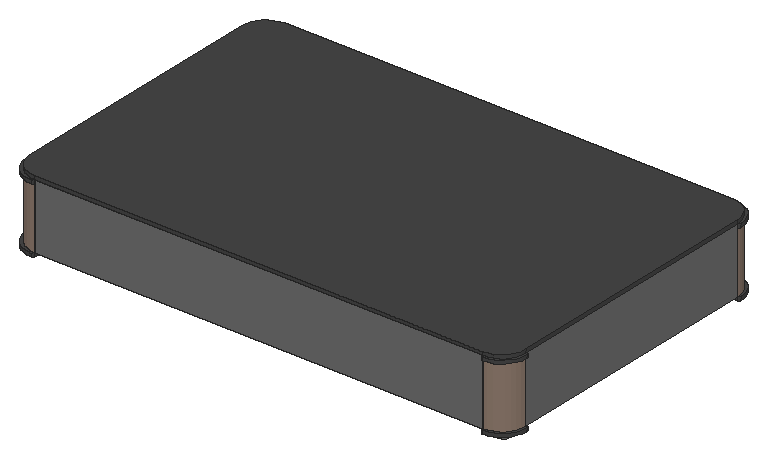
Revit family "QF_ADVENTYS_IE2_600_C-B_250902065202", category Specialty Equipment, Revit 2021
Family settings
  Round Connector Dimension = Use Diameter
  Part Type = Normal
  OmniClass Number = 23.40.40.14
  OmniClass Title = Food Service Equipment
  Work Plane-Based = No
  Always vertical = Yes
  Cut with Voids When Loaded = No
  Shared = No
  Room Calculation Point = No
Parameters (values of type "ADV1843")
  Weight in Pounds [instance] = 0
  Weight = 7.50 kg
  Warranty Start Date [instance] = ""
  Warranty Duration [instance] = ""
  Volts [instance] = 230 V
  URL Recommended Spares List = ""
  URL Manufacturer = ""
  URL Cutsheet = ""
  URL Critical Spares List = ""
  URL = "www.adventys.com"
  Tag Number [instance] = ""
  Status [instance] = ""
  Specification by User [instance] = ""
  Specification by Manufacturer [instance] = ""
  Sound Level [instance] = ""
  Solid Fuel Type [instance] = ""
  Service Life Duration [instance] = ""
  Serial Number [instance] = ""
  Seismic Rating [instance] = ""
  SMACNA No [instance] = ""
  Revision Code [instance] = ""
  Revision [instance] = ""
  Production Year [instance] = ""
  Point Load [instance] = 0
  Phase [instance] = 1
  Other Equipment Approvals [instance] = ""
  Number of Poles [instance] = 2
  NAFEM Spec ID Number [instance] = ""
  Model Warning [instance] = ""
  Model = "IE2 600 C-B"
  Min Ckt Ampacity [instance] = 0 A
  Max Overcurrent Protection [instance] = 10 A
  Masterspec [instance] = ""
  Manufacturer = "ADVENTYS"
  Length Actual = 620 mm
  Item Number [instance] = ""
  Installed By [instance] = ""
  Installation Date [instance] = ""
  Identify Quantity as Lot [instance] = no
  ID [instance] = ""
  Hygiene Approval [instance] = ""
  Hot Water Consumption = 0.0 L/s
  Height Actual = 96 mm
  HP power [instance] = ""
  Furnished By [instance] = ""
  Foodservice Equipment Identifier [instance] = no
  FL Amps [instance] = 2.7 A
  Electrical Remarks [instance] = "Plug not included"
  Electric power [instance] = 0 W
  Electric Connection Type [instance] = "Cord&Plug"
  Elec Conn RI Height [instance] = 0 mm
  Elec Conn Connection Height [instance] = 0 mm
  ETL Approved [instance] = no
  Description = "2 ZONES CUSTOMIZABLE INDUCTION BUFFET"
  Depth Actual = 390 mm
  Default Elevation = 0 mm
  Cycle [instance] = 50 Hz
  Cost = 0
  Conn Plug [instance] = ""
  Conn Conduit [instance] = no
  CSI MasterFormat [instance] = ""
  CE Approved [instance] = no
  Barcode [instance] = 0
  Author [instance] = ""
  Asset Identifier [instance] = ""
  Apparent Power [instance] = 600 VA
  Accessory = no
Reference planes
  plane 1 "Center (Front/Back)": y = 0
  plane 2: z = 0
  plane 3 "Center (Left/Right)": x = 0
Forms (mm)
  Extrusion 1, solid, not visible
    sketch origin (70.003, -2, 47.502) x (1, 0, 0) y (0, 1, 0)
      loop
        line (-2, 2) -> (-2, -2) -> (2, -2) -> (2, 2) -> (-2, 2)
    from -2 to 2
Dimensions and locks
  locked: Extrusion 1 to nested 2
  locked: nested 2 to Extrusion 1 at 2
  aligned and locked: level to plane 2
Nested families
  nested 1: "QF_ADVENTYS_ADV1843_2916" at (0, 0, 0), type "ADV1843"
    with Status "", Show Logo yes, Show Clearance yes
  nested 2: "CONN_POINT_ELE_2D___Generic_Annotation" at (70.003, 0, 47.502), type "CONN_POINT_ELE_2D___Generic_Annotation"
    with Onboard connection annotation symbol visibility yes
Connectors
  electrical at (70.003, 0, 47.502), driven by "Apparent Power", driven by "Number of Poles", driven by "Volts"
    settings: on Extrusion 1, index 1, voltage 230 V, apparent load 0 VA, apparent load phase1 600 VA, apparent load phase2 0 VA, apparent load phase3 0 VA, power factor 1, load classification "Other", number of poles 2, system type 31, power factor state 1, is connector primary yes, connector utility no, sub classification motor no, connector description "Electrical connection for IE2 600 C-B"
Definition of nested family "QF_ADVENTYS_ADV1843_2916"
  Parameters (values of type "ADV1843")
    URL = "www.adventys.com"
    Status [instance] = ""
    Show Logo [instance] = yes
    Show Clearance [instance] = yes
    Model = "IE2 600 C-B"
    Manufacturer = "ADVENTYS"
    Description = "2 ZONES CUSTOMIZABLE INDUCTION BUFFET"
    Default Elevation = 0 mm
    Author = "SPECIFI"
    Assembly Code = "E1090320"
  Reference planes
    plane 1 "Back": y = 0
    plane 2: z = 0
    plane 3 "Left": x = 0
    plane 4 "Right": x = 620
    plane 5 "Front": y = -390
    plane 6 "Top": z = 96
  Forms (mm)
    Extrusion 1, solid
      sketch origin (-437.879, -390, -60.3) x (1, 0, 0) y (0, 1, 0)
        loop
          line (437.879, 360) -> (437.879, 30) -> (467.879, 30) -> (467.879, 0) -> (1027.879, 0) -> (1027.879, 30) -> (1057.879, 30) -> (1057.879, 360) -> (1027.879, 360) -> (1027.879, 390) -> (467.879, 390) -> (467.879, 360) -> (437.879, 360)
      from 70.3 to 152.3
    Extrusion 2, solid
      sketch origin (30, -390, -14.006) x (1, 0, 0) y (0, 1, 0)
        loop
          line (0, 30) -> (-30.98, 30)
          arc (-30.98, 30) -> (-32.402, 29.388) -> (-32.935, 27.935) r 1.958
          arc (-32.935, 27.935) -> (-23.852, 6.102) -> (-2, -2.935) r 30.935
          arc (-2, -2.935) -> (-0.586, -2.35) -> (0, -0.935) r 2
          line (0, -0.935) -> (0, 30)
        loop
          line (560, 30) -> (560, -0.935)
          arc (560, -0.935) -> (560.586, -2.35) -> (562, -2.935) r 2
          arc (562, -2.935) -> (583.852, 6.102) -> (592.935, 27.935) r 30.935
          arc (592.935, 27.935) -> (592.402, 29.388) -> (590.98, 30) r 1.958
          line (590.98, 30) -> (560, 30)
        loop
          line (0, 360) -> (0, 390.935)
          arc (0, 390.935) -> (-0.586, 392.35) -> (-2, 392.935) r 2
          arc (-2, 392.935) -> (-23.852, 383.898) -> (-32.935, 362.065) r 30.935
          arc (-32.935, 362.065) -> (-32.402, 360.612) -> (-30.98, 360) r 1.958
          line (-30.98, 360) -> (0, 360)
        loop
          line (560, 360) -> (590.98, 360)
          arc (590.98, 360) -> (592.402, 360.612) -> (592.935, 362.065) r 1.958
          arc (592.935, 362.065) -> (583.852, 383.898) -> (562, 392.935) r 30.935
          arc (562, 392.935) -> (560.586, 392.35) -> (560, 390.935) r 2
          line (560, 390.935) -> (560, 360)
      from 20.006 to 24.006
    Extrusion 3, solid
      sketch origin (-430.601, -391.294, 0.995) x (1, 0, 0) y (0, 1, 0)
        loop
          circle (1033.349, 18.158) r 8
        loop
          circle (447.454, 18.158) r 8
        loop
          circle (1033.349, 374.212) r 8
        loop
          circle (447.454, 374.212) r 8
      from -0.995 to 5
    Extrusion 4, solid
      sketch origin (30, -390, 71.994) x (1, 0, 0) y (0, 1, 0)
        loop
          line (0, 0) -> (560, 0)
          arc (560, 0) -> (581.213, 8.787) -> (590, 30) r 30
          line (590, 30) -> (590, 360)
          arc (590, 360) -> (581.213, 381.213) -> (560, 390) r 30
          line (560, 390) -> (0, 390)
          arc (0, 390) -> (-21.213, 381.213) -> (-30, 360) r 30
          line (-30, 360) -> (-30, 30)
          arc (-30, 30) -> (-21.213, 8.787) -> (0, 0) r 30
      from 20.006 to 24.006
    Extrusion 5, solid
      sketch origin (30, -390, 67.994) x (1, 0, 0) y (0, 1, 0)
        loop
          arc (560, 390) -> (581.213, 381.213) -> (590, 360) r 30
          line (590, 360) -> (590.98, 360)
          arc (590.98, 360) -> (592.402, 360.612) -> (592.935, 362.065) r 1.958
          arc (592.935, 362.065) -> (583.852, 383.898) -> (562, 392.935) r 30.935
          arc (562, 392.935) -> (560.586, 392.35) -> (560, 390.935) r 2
          line (560, 390.935) -> (560, 390)
        loop
          line (560, 0) -> (560, -0.935)
          arc (560, -0.935) -> (560.586, -2.35) -> (562, -2.935) r 2
          arc (562, -2.935) -> (583.852, 6.102) -> (592.935, 27.935) r 30.935
          arc (592.935, 27.935) -> (592.402, 29.388) -> (590.98, 30) r 1.958
          line (590.98, 30) -> (590, 30)
          arc (590, 30) -> (581.213, 8.787) -> (560, 0) r 30
        loop
          line (0, 390) -> (0, 390.935)
          arc (0, 390.935) -> (-0.586, 392.35) -> (-2, 392.935) r 2
          arc (-2, 392.935) -> (-23.852, 383.898) -> (-32.935, 362.065) r 30.935
          arc (-32.935, 362.065) -> (-32.402, 360.612) -> (-30.98, 360) r 1.958
          line (-30.98, 360) -> (-30, 360)
          arc (-30, 360) -> (-21.213, 381.213) -> (0, 390) r 30
        loop
          arc (0, 0) -> (-21.213, 8.787) -> (-30, 30) r 30
          line (-30, 30) -> (-30.98, 30)
          arc (-30.98, 30) -> (-32.402, 29.388) -> (-32.935, 27.935) r 1.958
          arc (-32.935, 27.935) -> (-23.852, 6.102) -> (-2, -2.935) r 30.935
          arc (-2, -2.935) -> (-0.586, -2.35) -> (0, -0.935) r 2
          line (0, -0.935) -> (0, 0)
      from 20.006 to 24.006
    Extrusion 6, solid
      sketch origin (884.629, 0.2, -60.3) x (1, 0, 0) y (0, 0, 1)
        loop
          line (-603.629, 131.7) -> (-763.629, 131.7)
          arc (-763.629, 131.7) -> (-767.164, 130.236) -> (-768.629, 126.7) r 5
          line (-768.629, 126.7) -> (-768.629, 96.7)
          arc (-768.629, 96.7) -> (-767.164, 93.164) -> (-763.629, 91.7) r 5
          line (-763.629, 91.7) -> (-603.629, 91.7)
          arc (-603.629, 91.7) -> (-600.093, 93.164) -> (-598.629, 96.7) r 5
          line (-598.629, 96.7) -> (-598.629, 126.7)
          arc (-598.629, 126.7) -> (-600.093, 130.236) -> (-603.629, 131.7) r 5
      from -0.2 to 1.8
    Extrusion 7, solid
      sketch origin (-482.629, 0.6, -0.3) x (-1, 0, 0) y (0, 0, -1)
        loop
          line (-663.129, -58.2) -> (-663.129, -45.2) -> (-704.129, -45.2) -> (-704.129, -58.2) -> (-663.129, -58.2)
      from 0 to 2
    Extrusion 8, solid
      sketch origin (-482.629, -55.341, -0.3) x (-1, 0, 0) y (0, 0, -1)
        loop
          line (-647.129, -55.95) -> (-647.129, -47.45)
          arc (-647.129, -47.45) -> (-647.788, -45.859) -> (-649.379, -45.2) r 2.25
          line (-649.379, -45.2) -> (-657.879, -45.2)
          arc (-657.879, -45.2) -> (-659.47, -45.859) -> (-660.129, -47.45) r 2.25
          line (-660.129, -47.45) -> (-660.129, -55.95)
          arc (-660.129, -55.95) -> (-659.47, -57.541) -> (-657.879, -58.2) r 2.25
          line (-657.879, -58.2) -> (-649.379, -58.2)
          arc (-649.379, -58.2) -> (-647.788, -57.541) -> (-647.129, -55.95) r 2.25
        loop
          line (-653.229, -55.7) -> (-653.229, -52.1) -> (-649.629, -52.1) -> (-649.629, -51.3) -> (-653.229, -51.3) -> (-653.229, -47.7) -> (-654.029, -47.7) -> (-654.029, -51.3) -> (-657.629, -51.3) -> (-657.629, -52.1) -> (-654.029, -52.1) -> (-654.029, -55.7) -> (-653.229, -55.7)
        loop
          line (-707.129, -55.95) -> (-707.129, -47.45)
          arc (-707.129, -47.45) -> (-707.788, -45.859) -> (-709.379, -45.2) r 2.25
          line (-709.379, -45.2) -> (-717.879, -45.2)
          arc (-717.879, -45.2) -> (-719.47, -45.859) -> (-720.129, -47.45) r 2.25
          line (-720.129, -47.45) -> (-720.129, -55.95)
          arc (-720.129, -55.95) -> (-719.47, -57.541) -> (-717.879, -58.2) r 2.25
          line (-717.879, -58.2) -> (-709.379, -58.2)
          arc (-709.379, -58.2) -> (-707.788, -57.541) -> (-707.129, -55.95) r 2.25
        loop
          line (-709.629, -52.1) -> (-709.629, -51.3) -> (-717.629, -51.3) -> (-717.629, -52.1) -> (-709.629, -52.1)
        loop
          circle (-733.525, -51.7) r 6.5
        loop
          line (-733.229, -55.7) -> (-733.229, -47.7) -> (-734.029, -47.7) -> (-734.029, -55.7) -> (-733.229, -55.7)
      from -55.941 to -53.941
    Extrusion 9, solid
      sketch origin (0, 0, 0) x (1, 0, 0) y (0, 1, 0)
        loop
          arc (30, 0) -> (8.787, -8.787) -> (0, -30) r 30
          line (0, -30) -> (30, -30) -> (30, 0)
        loop
          line (30, -390) -> (30, -360) -> (0, -360)
          arc (0, -360) -> (8.787, -381.213) -> (30, -390) r 30
        loop
          line (590, 0) -> (590, -30) -> (620, -30)
          arc (620, -30) -> (611.213, -8.787) -> (590, 0) r 30
        loop
          arc (590, -390) -> (611.213, -381.213) -> (620, -360) r 30
          line (620, -360) -> (590, -360) -> (590, -390)
      from 10 to 88
    Extrusion 10, solid
      sketch origin (1099.629, 0.2, -60.3) x (1, 0, 0) y (0, 0, 1)
        loop
          line (-603.629, 131.7) -> (-763.629, 131.7)
          arc (-763.629, 131.7) -> (-767.164, 130.236) -> (-768.629, 126.7) r 5
          line (-768.629, 126.7) -> (-768.629, 96.7)
          arc (-768.629, 96.7) -> (-767.164, 93.164) -> (-763.629, 91.7) r 5
          line (-763.629, 91.7) -> (-603.629, 91.7)
          arc (-603.629, 91.7) -> (-600.093, 93.164) -> (-598.629, 96.7) r 5
          line (-598.629, 96.7) -> (-598.629, 126.7)
          arc (-598.629, 126.7) -> (-600.093, 130.236) -> (-603.629, 131.7) r 5
      from -0.2 to 1.8
    Extrusion 11, solid
      sketch origin (-267.629, 0.6, -0.3) x (-1, 0, 0) y (0, 0, -1)
        loop
          line (-663.129, -58.2) -> (-663.129, -45.2) -> (-704.129, -45.2) -> (-704.129, -58.2) -> (-663.129, -58.2)
      from 0 to 2
    Extrusion 12, solid
      sketch origin (-267.629, -55.341, -0.3) x (-1, 0, 0) y (0, 0, -1)
        loop
          line (-647.129, -55.95) -> (-647.129, -47.45)
          arc (-647.129, -47.45) -> (-647.788, -45.859) -> (-649.379, -45.2) r 2.25
          line (-649.379, -45.2) -> (-657.879, -45.2)
          arc (-657.879, -45.2) -> (-659.47, -45.859) -> (-660.129, -47.45) r 2.25
          line (-660.129, -47.45) -> (-660.129, -55.95)
          arc (-660.129, -55.95) -> (-659.47, -57.541) -> (-657.879, -58.2) r 2.25
          line (-657.879, -58.2) -> (-649.379, -58.2)
          arc (-649.379, -58.2) -> (-647.788, -57.541) -> (-647.129, -55.95) r 2.25
        loop
          line (-653.229, -55.7) -> (-653.229, -52.1) -> (-649.629, -52.1) -> (-649.629, -51.3) -> (-653.229, -51.3) -> (-653.229, -47.7) -> (-654.029, -47.7) -> (-654.029, -51.3) -> (-657.629, -51.3) -> (-657.629, -52.1) -> (-654.029, -52.1) -> (-654.029, -55.7) -> (-653.229, -55.7)
        loop
          line (-707.129, -55.95) -> (-707.129, -47.45)
          arc (-707.129, -47.45) -> (-707.788, -45.859) -> (-709.379, -45.2) r 2.25
          line (-709.379, -45.2) -> (-717.879, -45.2)
          arc (-717.879, -45.2) -> (-719.47, -45.859) -> (-720.129, -47.45) r 2.25
          line (-720.129, -47.45) -> (-720.129, -55.95)
          arc (-720.129, -55.95) -> (-719.47, -57.541) -> (-717.879, -58.2) r 2.25
          line (-717.879, -58.2) -> (-709.379, -58.2)
          arc (-709.379, -58.2) -> (-707.788, -57.541) -> (-707.129, -55.95) r 2.25
        loop
          line (-709.629, -52.1) -> (-709.629, -51.3) -> (-717.629, -51.3) -> (-717.629, -52.1) -> (-709.629, -52.1)
        loop
          circle (-733.525, -51.7) r 6.5
        loop
          line (-733.229, -55.7) -> (-733.229, -47.7) -> (-734.029, -47.7) -> (-734.029, -55.7) -> (-733.229, -55.7)
      from -55.941 to -53.941
  Lines and regions (mm)
    symbolic lines
      curve 1: line (0, -360, 0) -> (0, -30, 0)
      curve 2: line (30, 0, 0) -> (590, 0, 0)
      curve 3: line (620, -30, 0) -> (620, -360, 0)
      curve 4: line (590, -390, 0) -> (30, -390, 0)
      curve 5: arc (0, -360, 0) -> (8.787, -381.213, 0) -> (30, -390, 0) r 30
      curve 6: arc (590, -390, 0) -> (611.213, -381.213, 0) -> (620, -360, 0) r 30
      curve 7: arc (0, -30, 0) -> (8.787, -8.787, 0) -> (30, 0, 0) r 30
      curve 8: arc (590, 0, 0) -> (611.213, -8.787, 0) -> (620, -30, 0) r 30
      curve 9: line (0, -360, 0) -> (-0.98, -360, 0)
      curve 10: arc (-0.98, -360, 0) -> (-2.365, -360.574, 0) -> (-2.938, -361.958, 0) r 1.958
      curve 11: arc (-2.938, -361.958, 0) -> (6.135, -383.862, 0) -> (28.039, -392.935, 0) r 30.977
      curve 12: arc (28.039, -392.935, 0) -> (29.426, -392.361, 0) -> (30, -390.974, 0) r 1.961
      curve 13: line (30, -390.974, 0) -> (30, -390, 0)
      curve 14: line (620, -360, 0) -> (620.98, -360, 0)
      curve 15: arc (620.98, -360, 0) -> (622.365, -360.574, 0) -> (622.938, -361.958, 0) r 1.958
      curve 16: arc (622.938, -361.958, 0) -> (613.865, -383.862, 0) -> (591.961, -392.935, 0) r 30.977
      curve 17: arc (591.961, -392.935, 0) -> (590.574, -392.361, 0) -> (590, -390.974, 0) r 1.961
      curve 18: line (590, -390.974, 0) -> (590, -390, 0)
      curve 19: line (0, -30, 0) -> (-0.98, -30, 0)
      curve 20: arc (-0.98, -30, 0) -> (-2.365, -29.426, 0) -> (-2.938, -28.042, 0) r 1.958
      curve 21: arc (-2.938, -28.042, 0) -> (6.135, -6.138, 0) -> (28.039, 2.935, 0) r 30.977
      curve 22: arc (28.039, 2.935, 0) -> (29.426, 2.361, 0) -> (30, 0.974, 0) r 1.961
      curve 23: line (30, 0.974, 0) -> (30, 0, 0)
      curve 24: line (620, -30, 0) -> (620.98, -30, 0)
      curve 25: arc (620.98, -30, 0) -> (622.365, -29.426, 0) -> (622.938, -28.042, 0) r 1.958
      curve 26: arc (622.938, -28.042, 0) -> (613.865, -6.138, 0) -> (591.961, 2.935, 0) r 30.977
      curve 27: arc (591.961, 2.935, 0) -> (590.574, 2.361, 0) -> (590, 0.974, 0) r 1.961
      curve 28: line (590, 0.974, 0) -> (590, 0, 0)
  Dimensions and locks
    plane 6 "Top" to level = 96 mm
    plane 3 "Left" to plane 4 "Right" = 620 mm
    plane 5 "Front" to plane 1 "Back" = 390 mm
    aligned and locked: level to plane 2
Definition of nested family "CONN_POINT_ELE_2D___Generic_Annotation"
  Parameters (values of type "CONN_POINT_ELE_2D___Generic_Annotation")
    Onboard connection annotation symbol visibility [instance] = yes
  Reference planes
    plane 1: y = 0
    plane 2: x = 0
  Lines and regions (mm)
    detail lines, visible <- "Onboard connection annotation symbol visibility"
      curve 1: circle (0, 0, 0) r 0.5 normal (0, 0, 1)
      curve 2: line (-1, 0, 0) -> (1, 0, 0)
      curve 3: line (0, 1, 0) -> (0, -1, 0)
      curve 4: line (2.5, 1, 0) -> (1.25, 1, 0)
      curve 5: line (1.25, 1, 0) -> (1.25, -1, 0)
      curve 6: line (1.25, -1, 0) -> (2.5, -1, 0)
      curve 7: line (1.25, 0, 0) -> (2, 0, 0)
